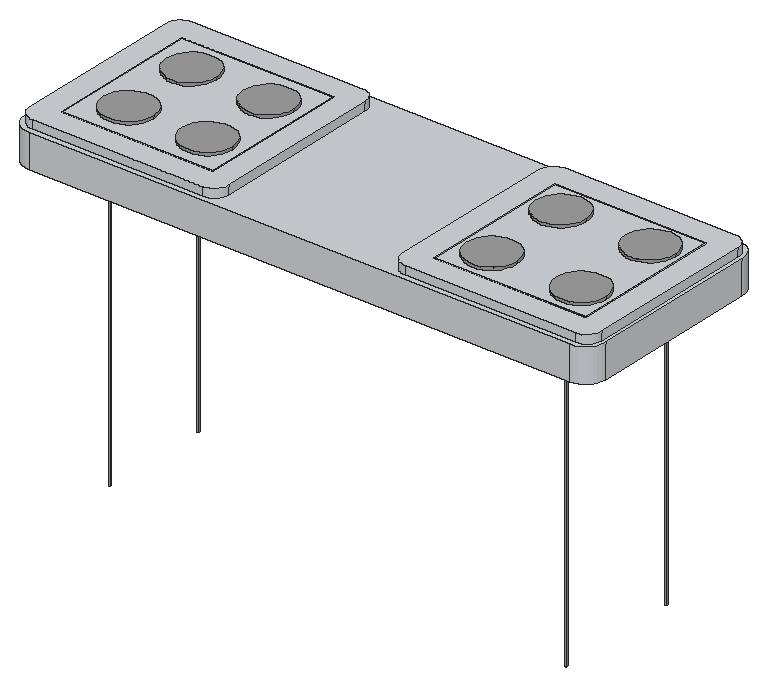
Revit family "Lighting-Industrial-GEWISS-SMART[4]HE_HIGHBAYS-LED_2M_DALI", category Apparecchi per illuminazione, Revit 2019
Family settings
  Quota connettore circolare = Usa diametro
  Tipo di parte = Normale
  Numero OmniClass = 23.80.70.00
  Titolo OmniClass = Lighting
  Basato su piano di lavoro = Sì
  Sempre verticale = No
  Taglio con vuoti quando caricato = No
  Sorgente d'illuminazione = No
  Condiviso = No
  Punto di calcolo locali = No
Parameters (values of type "GWS4223AQ857 - SMART4HB 2M C.PAS.DALI ELL.57K")
  Wiring = "With GW connect watertight connector"
  Weight (kg): = "6,5"
  Warranty = "5 years"
  Voltaggio = 230 V
  Version file RFA = "20.11"
  Unique digital code (Datamatrix) = "Datamatrix"
  Unified Glare Rating = "-"
  URL = "https://www.gewiss.com/ww/en"
  Type of light source = "LED - Not replaceable"
  Tilt- = "With bracket accessory"
  Technical sheet = "https://www.gewiss.com/ww/en/search?q=GWS4223AQ857"
  System power = "95W"
  Supply voltage = "220 - 240 V"
  Stocking temperature = "-40 +70 °C"
  Standards and approvals = "-"
  Standard- = "EN 60598-1 ; EN 60598-2-1 ; EN 60598-2-24"
  Standard Deviation Colour Matching = "SDCM = 3"
  Spostamento_y_etichetta [instance] = 0 mm
  Spostamento_y_effettivo_etichetta [instance] = 1500 mm - Spostamento_y_etichetta  # 1500 mm
  Spostamento_x_etichetta [instance] = 0 mm
  Spostamento_X_effettivo_etichetta [instance] = 1500 mm - Spostamento_x_etichetta  # 1500 mm
  Shock resistance = "IK08"
  Shield type = "Tempered glass Thickness 4mm"
  SEO = "High bay"
  Realized by GEWISS S.p.A. = ""
  Rated frequency (Hz) = "50/60 Hz"
  Produttore = "GEWISS S.p.A."
  Photobiological Risk Class = "RG0"
  Overvoltage protection = "DM 6 kV / CM 10 kV"
  Optic and illuminating features = "-"
  Optic Maintenance = "Non-replaceable"
  Optic : = "Metallic PC reflector and PMMA lenses"
  Optic = "Elliptical"
  Operating temperature : = "-30°C ÷ +50 °C"
  Offset etichetta W [instance] = 150 mm
  Mouting and installation = "Ceiling - Wallmounting - Suspension"
  Modello = "GWS4223AQ857"
  Maximum surface exposed to the wind : = "0,184 m²"
  Materials = "-"
  Luminaire = "LED Industrial Reflector "
  Lumen output (lm) = "12300"
  Locking Hook = "-"
  Lifetime = "L90B10 (Tq+25°C) = 100.000 h - L90B10 (Tq+50°C) = 50.000 h"
  Lampada = "LED"
  LED Maintenance = "Non-replaceable"
  Insulation class = "I"
  Installationa and maintenance = "-"
  Immagine tipo = GWL1311.jpg
  IPEA = "-"
  IP degree = "IP66"
  IFC.TypeObject = ""
  IFC.ExportType = ""
  IFC.ExportAs = ""
  IDT = "32167967fdf74962832821affbd5ec12"
  IDF = "71863346-6837-4260-98ca-c6d85b474ae1"
  Glow Wire Test : = "850 °C"
  General information = "-"
  Gasket = "anti-aging silicone"
  Fixing = "-"
  External screw = "Stainless steel"
  Etichetta wattaggio [instance] = yes
  Trasformatore = none
  Struttura plafoniera = none
  Spessore plafoniera = 40 mm  # constant formula
  Default Elevation = 1219.2 mm  # constant formula
  Proiettsmart2_simb [instance] = yes
  Plafoniera bidimensionale [instance] = not(Proiettsmart2_simb)  # no
  Eletrical and lighting features = "-"
  Electrocod = "2444"
  Efficiency (lm/W) = "129"
  Driver Box = "Built-in"
  Driver = "Included"
  Device with reduced surface temperature = "Yes"
  Descrizione = "SMART[4]HB 2M C.PAS.DALI ELL.57K"
  DIN 18032-3 certification = "With Bracket - Rope Kit + terminal&nbsp;(in approval)"
  Control System : = "DALI"
  Control System = "1 x DALI DT6"
  Context = "Lighting for industries and sports facilities"
  Commenti sul wattaggio = "97W"
  Colour temperature = "5700K"
  Colour : = "Grey RAL 7035"
  Colour = "Grey RAL 7035"
  Color Rendering Index = "CRI-80"
  Classificazione = Lighting
  Classification: = "-"
  Catalogue = "LIGHTING"
  Carico apparente = 97 VA
  Motore = none
  Mascherina = none
  Lunghezza = 699 mm  # constant formula
  Larghezza = 254 mm  # constant formula
  Distanza_tot_plafoniera [instance] = 350 mm
  Dist_sorg_lum = 10 mm  # constant formula
  COBie.Tagnumber = ""
  COBie.CreatedOn = ""
  COBie.CreatebBy = ""
  COBie.ComponentRegisterItemID = ""
  COBie.Component.TagNumber = ""
  COBie.Component.Space = ""
  COBie.Component.SerialNumber = ""
  COBie.Component.InstallationDate = ""
  COBie.Component.Description = ""
  COBie.Component.BarCode = ""
  Body = "PA6 \"Halogen Free\" loaded fibreglass"
  Application = "Internal"
Types (36, lengths in mm): name | Unified Glare Rating | Technical sheet | SEO | Optic : | Optic | Modello | Lumen output (lm) | IDT | Efficiency (lm/W) | Descrizione | Colour temperature
  GWS4221AA830 - SMART4HB 2M ST.AL.DALI ARR.30K | "UGR - 25" | "https://www.gewiss.com/ww/en/search?q=GWS4221AA830" | "" | "Metallized polycarbonate reflector" | "Array" | "GWS4221AA830" | "13200" | "b865a2e2c8b047d9b6bc49286984b836" | "139" | "SMART[4]HB 2M ST.AL.DALI ARR.30K" | "3000K"
  GWS4221AA840 - SMART4HB 2M ST.AL.DALI ARR.40K | "UGR - 25" | "https://www.gewiss.com/ww/en/search?q=GWS4221AA840" | "" | "Metallized polycarbonate reflector" | "Array" | "GWS4221AA840" | "13800" | "b54547127707429fb9ee1206f5cd7dd9" | "145" | "SMART[4]HB 2M ST.AL.DALI ARR.40K" | "4000K"
  GWS4221AA857 - SMART4HB 2M ST.AL.DALI ARR.57K | "UGR - 25" | "https://www.gewiss.com/ww/en/search?q=GWS4221AA857" | "" | "Metallized polycarbonate reflector" | "Array" | "GWS4221AA857" | "13800" | "e6f70cce2a2e43ae9fd1076ca4ec800f" | "145" | "SMART[4]HB 2M ST.AL.DALI ARR.57K" | "5700K"
  GWS4221AC830 - SMART4HB 2M ST.AL.DALI ASI.30K | "-" | "https://www.gewiss.com/ww/en/search?q=GWS4221AC830" | "High bay" | "Metallic PC reflector and PMMA lenses" | "Asymmetrical" | "GWS4221AC830" | "11900" | "80705aa437b347e2877e50831cb1adcb" | "125" | "SMART[4]HB 2M ST.AL.DALI ASI.30K" | "3000K"
  GWS4221AC840 - SMART4HB 2M ST.AL.DALI ASI.40K | "-" | "https://www.gewiss.com/ww/en/search?q=GWS4221AC840" | "High bay" | "Metallic PC reflector and PMMA lenses" | "Asymmetrical" | "GWS4221AC840" | "12500" | "1ce56aeedba34fa2abb54ff85eab14e0" | "132" | "SMART[4]HB 2M ST.AL.DALI ASI.40K" | "4000K"
  GWS4221AC857 - SMART4HB 2M ST.AL.DALI ASI.57K | "-" | "https://www.gewiss.com/ww/en/search?q=GWS4221AC857" | "High bay" | "Metallic PC reflector and PMMA lenses" | "Asymmetrical" | "GWS4221AC857" | "12500" | "bfd6b94ade564b84b2509e22f7f32121" | "132" | "SMART[4]HB 2M ST.AL.DALI ASI.57K" | "5700K"
  GWS4221AF830 - SMART4HB 2M ST.AL.DALI 30° 30K | "UGR - 19" | "https://www.gewiss.com/ww/en/search?q=GWS4221AF830" | "" | "Metallic PC reflector and PMMA lenses" | "30°" | "GWS4221AF830" | "13000" | "281d607556bd41c585f14a8e0b887b9b" | "137" | "SMART[4]HB 2M ST.AL.DALI 30° 30K" | "3000K"
  GWS4221AF840 - SMART4HB 2M ST.AL.DALI 30° 40K | "UGR - 19" | "https://www.gewiss.com/ww/en/search?q=GWS4221AF840" | "" | "Metallic PC reflector and PMMA lenses" | "30°" | "GWS4221AF840" | "13700" | "395066f94ea348d5ad0ebd49f748b504" | "144" | "SMART[4]HB 2M ST.AL.DALI 30° 40K" | "4000K"
  GWS4221AF857 - SMART4HB 2M ST.AL.DALI 30° 57K | "UGR - 19" | "https://www.gewiss.com/ww/en/search?q=GWS4221AF857" | "" | "Metallic PC reflector and PMMA lenses" | "30°" | "GWS4221AF857" | "13700" | "d1fd0450565c47debc265d46141225ad" | "144" | "SMART[4]HB 2M ST.AL.DALI 30° 57K" | "5700K"
  GWS4221AH830 - SMART4HB 2M ST.AL.DALI 60° 30K | "UGR - 22" | "https://www.gewiss.com/ww/en/search?q=GWS4221AH830" | "" | "Metallic PC reflector and PMMA lenses" | "60°" | "GWS4221AH830" | "13100" | "938f944c41834f4d8f433163e20f6686" | "138" | "SMART[4]HB 2M ST.AL.DALI 60° 30K" | "3000K"
  GWS4221AH840 - SMART4HB 2M ST.AL.DALI 60° 40K | "UGR - 22" | "https://www.gewiss.com/ww/en/search?q=GWS4221AH840" | "" | "Metallic PC reflector and PMMA lenses" | "60°" | "GWS4221AH840" | "13800" | "369f6eaffee74df8a55e7fc2b71a5c7d" | "145" | "SMART[4]HB 2M ST.AL.DALI 60° 40K" | "4000K"
  GWS4221AH857 - SMART4HB 2M ST.AL.DALI 60° 57K | "UGR - 22" | "https://www.gewiss.com/ww/en/search?q=GWS4221AH857" | "" | "Metallic PC reflector and PMMA lenses" | "60°" | "GWS4221AH857" | "13800" | "792f55c4c1174e33abdd76c4346557cb" | "145" | "SMART[4]HB 2M ST.AL.DALI 60° 57K" | "5700K"
  GWS4221AP830 - SMART4HB 2M ST.AL.DALI 90° 30K | "UGR - 22" | "https://www.gewiss.com/ww/en/search?q=GWS4221AP830" | "" | "Metallic PC reflector and PMMA lenses" | "90°" | "GWS4221AP830" | "13300" | "32701e0ba8114ac5852caf331c4def78" | "140" | "SMART[4]HB 2M ST.AL.DALI 90° 30K" | "3000K"
  GWS4221AP840 - SMART4HB 2M ST.AL.DALI 90° 40K | "UGR - 22" | "https://www.gewiss.com/ww/en/search?q=GWS4221AP840" | "" | "Metallic PC reflector and PMMA lenses" | "90°" | "GWS4221AP840" | "13900" | "bd980aed2184499a849565e8af8de209" | "146" | "SMART[4]HB 2M ST.AL.DALI 90° 40K" | "4000K"
  GWS4221AP857 - SMART4HB 2M ST.AL.DALI 90° 57K | "UGR - 22" | "https://www.gewiss.com/ww/en/search?q=GWS4221AP857" | "" | "Metallic PC reflector and PMMA lenses" | "90°" | "GWS4221AP857" | "13900" | "81d9c508c6104fe1969d1fbed84eeaa1" | "146" | "SMART[4]HB 2M ST.AL.DALI 90° 57K" | "5700K"
  GWS4221AQ830 - SMART4HB 2M ST.AL.DALI ELL.30K | "-" | "https://www.gewiss.com/ww/en/search?q=GWS4221AQ830" | "High bay" | "Metallic PC reflector and PMMA lenses" | "Elliptical" | "GWS4221AQ830" | "11800" | "cffb534a4e4249378c99dec0f11dbbad" | "124" | "SMART[4]HB 2M ST.AL.DALI ELL.30K" | "3000K"
  GWS4221AQ840 - SMART4HB 2M ST.AL.DALI ELL.40K | "-" | "https://www.gewiss.com/ww/en/search?q=GWS4221AQ840" | "High bay" | "Metallic PC reflector and PMMA lenses" | "Elliptical" | "GWS4221AQ840" | "12300" | "5fed3b31ed3f434ba84a4190ffbaf34e" | "129" | "SMART[4]HB 2M ST.AL.DALI ELL.40K" | "4000K"
  GWS4221AQ857 - SMART4HB 2M ST.AL.DALI ELL.57K | "-" | "https://www.gewiss.com/ww/en/search?q=GWS4221AQ857" | "High bay" | "Metallic PC reflector and PMMA lenses" | "Elliptical" | "GWS4221AQ857" | "12300" | "2eac35366090485890a5d355d690f073" | "129" | "SMART[4]HB 2M ST.AL.DALI ELL.57K" | "5700K"
  GWS4223AA830 - SMART4HB 2M C.PAS.DALI ARR.30K | "UGR - 25" | "https://www.gewiss.com/ww/en/search?q=GWS4223AA830" | "" | "Metallized polycarbonate reflector" | "Array" | "GWS4223AA830" | "13200" | "564fa0cfe04f4f1699bce5a00328dfe3" | "139" | "SMART[4]HB 2M C.PAS.DALI ARR.30K" | "3000K"
  GWS4223AA840 - SMART4HB 2M C.PAS.DALI ARR.40K | "UGR - 25" | "https://www.gewiss.com/ww/en/search?q=GWS4223AA840" | "" | "Metallized polycarbonate reflector" | "Array" | "GWS4223AA840" | "13800" | "7d10b2ce0a094a1084b2c7b7bee1310e" | "145" | "SMART[4]HB 2M C.PAS.DALI ARR.40K" | "4000K"
  GWS4223AA857 - SMART4HB 2M C.PAS.DALI ARR.57K | "UGR - 25" | "https://www.gewiss.com/ww/en/search?q=GWS4223AA857" | "" | "Metallized polycarbonate reflector" | "Array" | "GWS4223AA857" | "13800" | "15c6dcb258524cca9c5cea4a57edad43" | "145" | "SMART[4]HB 2M C.PAS.DALI ARR.57K" | "5700K"
  GWS4223AC830 - SMART4HB 2M C.PAS.DALI ASI.30K | "-" | "https://www.gewiss.com/ww/en/search?q=GWS4223AC830" | "High bay" | "Metallic PC reflector and PMMA lenses" | "Asymmetrical" | "GWS4223AC830" | "11900" | "8ee71461ff374b55ac133abdc9461784" | "125" | "SMART[4]HB 2M C.PAS.DALI ASI.30K" | "3000K"
  GWS4223AC840 - SMART4HB 2M C.PAS.DALI ASI.40K | "-" | "https://www.gewiss.com/ww/en/search?q=GWS4223AC840" | "High bay" | "Metallic PC reflector and PMMA lenses" | "Asymmetrical" | "GWS4223AC840" | "12500" | "c901f6a2642b46b0948687a2b2e902c3" | "132" | "SMART[4]HB 2M C.PAS.DALI ASI.40K" | "4000K"
  GWS4223AC857 - SMART4HB 2M C.PAS.DALI ASI.57K | "-" | "https://www.gewiss.com/ww/en/search?q=GWS4223AC857" | "High bay" | "Metallic PC reflector and PMMA lenses" | "Asymmetrical" | "GWS4223AC857" | "12500" | "dde04335c46b4f93a3fea97912b7d28b" | "132" | "SMART[4]HB 2M C.PAS.DALI ASI.57K" | "5700K"
  GWS4223AF830 - SMART4HB 2M C.PAS.DALI 30° 30K | "UGR - 19" | "https://www.gewiss.com/ww/en/search?q=GWS4223AF830" | "" | "Metallic PC reflector and PMMA lenses" | "30°" | "GWS4223AF830" | "13000" | "1653946d0137417b96f36f16f2bbaf13" | "137" | "SMART[4]HB 2M C.PAS.DALI 30° 30K" | "3000K"
  GWS4223AF840 - SMART4HB 2M C.PAS.DALI 30° 40K | "UGR - 19" | "https://www.gewiss.com/ww/en/search?q=GWS4223AF840" | "" | "Metallic PC reflector and PMMA lenses" | "30°" | "GWS4223AF840" | "13700" | "c0a92ffbab7848b3b0cf58a6bfcdc7ae" | "144" | "SMART[4]HB 2M C.PAS.DALI 30° 40K" | "4000K"
  GWS4223AF857 - SMART4HB 2M C.PAS.DALI 30° 57K | "UGR - 19" | "https://www.gewiss.com/ww/en/search?q=GWS4223AF857" | "" | "Metallic PC reflector and PMMA lenses" | "30°" | "GWS4223AF857" | "13700" | "30508b7da8294982b06402a14a2e3fa9" | "144" | "SMART[4]HB 2M C.PAS.DALI 30° 57K" | "5700K"
  GWS4223AH830 - SMART4HB 2M C.PAS.DALI 60° 30K | "UGR - 22" | "https://www.gewiss.com/ww/en/search?q=GWS4223AH830" | "" | "Metallic PC reflector and PMMA lenses" | "60°" | "GWS4223AH830" | "13100" | "89e126e8231f4087902cd8b49be00239" | "138" | "SMART[4]HB 2M C.PAS.DALI 60° 30K" | "3000K"
  GWS4223AH840 - SMART4HB 2M C.PAS.DALI 60° 40K | "UGR - 22" | "https://www.gewiss.com/ww/en/search?q=GWS4223AH840" | "" | "Metallic PC reflector and PMMA lenses" | "60°" | "GWS4223AH840" | "13800" | "34c185c3dc544acdb6b1852c42d50a11" | "145" | "SMART[4]HB 2M C.PAS.DALI 60° 40K" | "4000K"
  GWS4223AH857 - SMART4HB 2M C.PAS.DALI 60° 57K | "UGR - 22" | "https://www.gewiss.com/ww/en/search?q=GWS4223AH857" | "" | "Metallic PC reflector and PMMA lenses" | "60°" | "GWS4223AH857" | "13800" | "9f9d80a63a6d43a38bbe2473ef59e5b3" | "145" | "SMART[4]HB 2M C.PAS.DALI 60° 57K" | "5700K"
  GWS4223AP830 - SMART4HB 2M C.PAS.DALI 90° 30K | "UGR - 22" | "https://www.gewiss.com/ww/en/search?q=GWS4223AP830" | "" | "Metallic PC reflector and PMMA lenses" | "90°" | "GWS4223AP830" | "13300" | "761f9d89e44f40f385f9192560be381a" | "140" | "SMART[4]HB 2M C.PAS.DALI 90° 30K" | "3000K"
  GWS4223AP840 - SMART4HB 2M C.PAS.DALI 90° 40K | "UGR - 22" | "https://www.gewiss.com/ww/en/search?q=GWS4223AP840" | "" | "Metallic PC reflector and PMMA lenses" | "90°" | "GWS4223AP840" | "13900" | "b241c3769ad0415592636fb8f917034d" | "146" | "SMART[4]HB 2M C.PAS.DALI 90° 40K" | "4000K"
  GWS4223AP857 - SMART4HB 2M C.PAS.DALI 90° 57K | "UGR - 22" | "https://www.gewiss.com/ww/en/search?q=GWS4223AP857" | "" | "Metallic PC reflector and PMMA lenses" | "90°" | "GWS4223AP857" | "13900" | "97c92964d829466181c6f1e94b4793ca" | "146" | "SMART[4]HB 2M C.PAS.DALI 90° 57K" | "5700K"
  GWS4223AQ830 - SMART4HB 2M C.PAS.DALI ELL.30K | "-" | "https://www.gewiss.com/ww/en/search?q=GWS4223AQ830" | "High bay" | "Metallic PC reflector and PMMA lenses" | "Elliptical" | "GWS4223AQ830" | "11800" | "168e43969bba4a3ca3ca2988db078bdf" | "124" | "SMART[4]HB 2M C.PAS.DALI ELL.30K" | "3000K"
  GWS4223AQ840 - SMART4HB 2M C.PAS.DALI ELL.40K | "-" | "https://www.gewiss.com/ww/en/search?q=GWS4223AQ840" | "High bay" | "Metallic PC reflector and PMMA lenses" | "Elliptical" | "GWS4223AQ840" | "12300" | "2030e09cb2f04742943c855c3525c557" | "129" | "SMART[4]HB 2M C.PAS.DALI ELL.40K" | "4000K"
  GWS4223AQ857 - SMART4HB 2M C.PAS.DALI ELL.57K | "-" | "https://www.gewiss.com/ww/en/search?q=GWS4223AQ857" | "High bay" | "Metallic PC reflector and PMMA lenses" | "Elliptical" | "GWS4223AQ857" | "12300" | "32167967fdf74962832821affbd5ec12" | "129" | "SMART[4]HB 2M C.PAS.DALI ELL.57K" | "5700K"
Reference planes
  plane 1 "Asse sorgente illuminazione (F/B)": y = 0
  plane 2: z = 0
  plane 3 "Asse sorgente illuminazione (L/R)": x = 0
  plane 4 "Prospetto sorgente di illuminazione": z = 1500
  plane 5: x = -349.5
  plane 6: y = 127
  plane 7: x = 349.5
  plane 8: y = -127
  plane 9: x = 344.5
  plane 10: x = -344.5
  plane 11: x = -104.5
  plane 12: x = 104.5
  plane 13: y = -1500
  plane 14: z = 390
  plane 15: z = 390
  plane 16: z = 400
  plane 17: z = 350
  plane 18: y = 0
  plane 19: x = -1500
  plane 20: x = 0
Dimensions and locks
  equal spacing: plane 6, plane 1 "Asse sorgente illuminazione (F/B)", plane 8
  "Larghezza": plane 6 to plane 8
  equal spacing: plane 5, plane 3 "Asse sorgente illuminazione (L/R)", plane 7
  "Lunghezza": plane 5 to plane 7
  locked: plane 5 to plane 10 at 5
  locked: plane 9 to plane 7 at 5
  locked: plane 16 to plane 14 at 10
  locked: plane 15 to plane 17 at 40
  "Distanza_tot_plafoniera": plane 17 to plane 2
  plane 1 "Asse sorgente illuminazione (F/B)" to plane 13 = 1500 mm
  "Spostamento_y_effettivo_etichetta": plane 18 to plane 13
  plane 19 to plane 3 "Asse sorgente illuminazione (L/R)" = 1500 mm
  "Spostamento_X_effettivo_etichetta": plane 19 to plane 20
  aligned and locked: level to plane 2
  aligned and locked: nested 15 to plane 14
  aligned and locked: plane 14 to nested 16
  aligned and locked: plane 16 to nested 8
  aligned and locked: nested 6 to plane 16
  aligned and locked: plane 16 to nested 7
  aligned and locked: nested 5 to plane 16
  aligned and locked: nested 3 to plane 16
  aligned and locked: plane 16 to nested 1
  aligned and locked: nested 4 to plane 16
  aligned and locked: plane 16 to nested 2
  aligned and locked: nested 11 to plane 2  (x2)
  aligned and locked: nested 10 to plane 2
  aligned and locked: nested 9 to plane 2
  aligned and locked: plane 14 to plane 15
  aligned and locked: plane 17 to nested 14
  aligned and locked: nested 17 to plane 18
  aligned and locked: nested 17 to plane 20
  aligned and locked: plane 2 to nested 18
  aligned and locked: plane 2 to nested 11
Nested families
  nested 1: "Gewis - Led" at (171.717, 52, 403), type "Gewis - Led", detail levels medium+fine
  nested 2: "Gewis - Led" at (279.5, 52, 403), type "Gewis - Led", detail levels medium+fine
  nested 3: "Gewis - Led" at (171.717, -52, 403), type "Gewis - Led", detail levels medium+fine
  nested 4: "Gewis - Led" at (279.5, -52, 403), type "Gewis - Led", detail levels medium+fine
  nested 5: "Gewis - Led" at (-174.5, 45, 403) x (-1, 0, 0) z (0, 0, 1), type "Gewis - Led", detail levels medium+fine
  nested 6: "Gewis - Led" at (-269.5, 47.625, 403) x (-1, 0, 0) z (0, 0, 1), type "Gewis - Led", detail levels medium+fine
  nested 7: "Gewis - Led" at (-174.5, -47.089, 403) x (-1, 0, 0) z (0, 0, 1), type "Gewis - Led", detail levels medium+fine
  nested 8: "Gewis - Led" at (-269.5, -47.089, 403) x (-1, 0, 0) z (0, 0, 1), type "Gewis - Led", detail levels medium+fine
  nested 9: "Sospensione_ SMART LAB 4" at (274.838, 81.5, 0), Altezza sospensione <- "Distanza_tot_plafoniera", type "Sospensione_ SMART LAB 4"
    with Altezza sospensione 350 mm, Default Elevation 350 mm
  nested 10: "Sospensione_ SMART LAB 4" at (274.838, -69, 0), Altezza sospensione <- "Distanza_tot_plafoniera", type "Sospensione_ SMART LAB 4"
    with Altezza sospensione 350 mm, Default Elevation 350 mm
  nested 11: "Sospensione_ SMART LAB 4" at (-276.662, -66.5, 0), Altezza sospensione <- "Distanza_tot_plafoniera", type "Sospensione_ SMART LAB 4"
    with Altezza sospensione 350 mm, Default Elevation 350 mm
  nested 12: "PROIETTSMART - 2" at (0, 0, 0), visible <- "Proiettsmart2_simb", type "PROIETTSMART - 2"
  nested 13: "Rappr_ bidimensionale_SMART (4)  4 + 4 L " at (0, 0, 0), visible <- "Plafoniera bidimensionale", type "SMART (4)  4 + 4 L_bidimensionale "
  nested 14: "Struttura_SMART 4" at (0, 0, 390), type "SMART 4 HB - 4+4L"
  nested 15: "mascherina_SMART (4)" at (-224.5, 0, 400) x (-1, 0, 0) z (0, 0, 1), type "Maschera_smart (4) 4L", detail levels fine
  nested 16: "mascherina_SMART (4)" at (224.5, 0, 400), type "Maschera_smart (4) 4L", detail levels fine
  nested 17: "ETICHETTA LIGHT" at (0, 0, 0), type "ETICHETTA LIGHT"
  nested 18: "Sospensione_ SMART LAB 4" at (-276.662, 66.5, 0), Altezza sospensione <- "Distanza_tot_plafoniera", type "Sospensione_ SMART LAB 4"
    with Altezza sospensione 350 mm, Default Elevation 350 mm
Connectors
  electrical at (0.009, -0.098, 350), driven by "Carico apparente"
    settings: on nested 14, index 1, voltage 230 V, apparent load 0 VA, apparent load phase1 97 VA, apparent load phase2 0 VA, apparent load phase3 0 VA, power factor 1, load classification "Lighting", number of poles 2, system type 31, power factor state 1, is connector primary yes, connector utility no, sub classification motor no, connector description ""
Definition of nested family "Gewis - Led"
  Parameters (values of type "Gewis - Led")
    Vetro = none
    Raggio led = 30 mm
    Default Elevation = 1219.2 mm
    Estensione vetro = 3 mm
  Reference planes
    plane 1 "Centro (Fronte/Retro)": y = 0
    plane 2: z = 0
    plane 3 "Centro (Sinistra/Destra)": x = 0
  Forms (mm)
    Extrusion 1, solid, material <- "Vetro"
      sketch origin (0, 0, 0) x (1, 0, 0) y (0, 1, 0)
        loop
          circle (0, 0) r 30
      from -3 to 0
  Dimensions and locks
    "Estensione vetro": level to Extrusion 1
    "Raggio led": radius of Extrusion 1 sketch curve
    aligned and locked: level to plane 2
    aligned and locked: level to Extrusion 1
  Automatic sketch dimensions
    plane 1 "Centro (Fronte/Retro)" to Extrusion 1 sketch curve = 0 mm
    Extrusion 1 sketch curve to plane 3 "Centro (Sinistra/Destra)" = 0 mm
Definition of nested family "Sospensione_ SMART LAB 4"
  Parameters (values of type "Sospensione_ SMART LAB 4")
    Default Elevation = 400 mm
    Altezza sospensione [instance] = 500 mm
  Reference planes
    plane 1 "Center (Front/Back)": y = 0
    plane 2: z = 0
    plane 3 "Center (Left/Right)": x = 0
    plane 4: z = 500
    plane 5: z = 30.7
  Forms (mm)
    Extrusion 1, solid
      sketch origin (0, 0, 0) x (1, 0, 0) y (0, 1, 0)
        loop
          circle (0, -0.028) r 1.25
      from 0 to 500
  Lines and regions (mm)
    model lines, not visible
      curve 1: line (0, 0, 0) -> (0, 0, 9.482)
  Dimensions and locks
    "Altezza sospensione": plane 4 to level
    plane 2 to plane 4 = 500 mm
    aligned and locked: level to plane 2
    aligned and locked: Extrusion 1 to plane 2
    aligned and locked: plane 4 to Extrusion 1
  Automatic sketch dimensions
    Extrusion 1 sketch curve to plane 3 "Center (Left/Right)" = 0 mm
    plane 1 "Center (Front/Back)" to Extrusion 1 sketch curve = 0.028 mm
    curve 1 to plane 3 "Center (Left/Right)" = 0 mm
    curve 1 to level = 0 mm
    curve 1 to curve 1 = 9.482 mm
    radius of Extrusion 1 sketch curve = 1.25 mm
Definition of nested family "Struttura_SMART 4"
  Parameters (values of type "SMART 4 HB - 4+4L")
    Struttura plafoniera = none
    Spessore_plafoniera = 40 mm
    Lunghezza = 699 mm
    Larghezza = 254 mm
  Types (2, lengths in mm): name | Lunghezza | Larghezza
    SMART Lab (4) 4L | 383 | 253
    SMART 4 HB - 4+4L | 699 | 254
  Reference planes
    plane 1 "Asse sorgente illuminazione (F/B)": y = 0
    plane 2: z = 0
    plane 3 "Asse sorgente illuminazione (L/R)": x = 0
    plane 4 "Prospetto sorgente di illuminazione": z = -40
    plane 5 "SX": x = -349.5
    plane 6 "DX": x = 349.5
    plane 7 "DIETRO": y = 127
    plane 8 "AVANTI": y = -127
    plane 9: x = 106.5
    plane 10: x = 338.5
    plane 11: y = -116
    plane 12: y = 116
    plane 13: x = -338.5
    plane 14: x = -106.5
  Forms (mm)
    Extrusion 1, solid, material <- "Struttura plafoniera"
      sketch origin (0, 0, 0) x (1, 0, 0) y (0, 1, 0)
        loop
          line (349.5, -102.595) -> (349.5, 102.59)
          arc (349.5, 102.59) -> (342.35, 119.85) -> (325.09, 127) r 24.41
          line (325.09, 127) -> (-325.009, 127)
          arc (-325.009, 127) -> (-342.554, 119.6) -> (-349.5, 101.871) r 24.499
          line (-349.5, 101.871) -> (-349.5, -102.592)
          arc (-349.5, -102.592) -> (-342.351, -119.851) -> (-325.092, -127) r 24.408
          line (-325.092, -127) -> (325.117, -127)
          arc (325.117, -127) -> (342.334, -119.868) -> (349.465, -102.652) r 24.348
      from -40 to 0
  Dimensions and locks
    equal spacing: plane 5 "SX", plane 3 "Asse sorgente illuminazione (L/R)", plane 6 "DX"
    equal spacing: plane 7 "DIETRO", plane 1 "Asse sorgente illuminazione (F/B)", plane 8 "AVANTI"
    "Lunghezza": plane 5 "SX" to plane 6 "DX"
    "Larghezza": plane 7 "DIETRO" to plane 8 "AVANTI"
    locked: plane 7 "DIETRO" to plane 12 at 11
    locked: plane 11 to plane 8 "AVANTI" at 11
    locked: plane 10 to plane 6 "DX" at 11
    locked: plane 9 to plane 10 at 232
    plane 13 to plane 14 = 232 mm
    locked: plane 5 "SX" to plane 13 at 11
    "Spessore_plafoniera": plane 2 to plane 4 "Prospetto sorgente di illuminazione"
    aligned and locked: level to plane 2
    aligned and locked: Extrusion 1 to plane 5 "SX"
    aligned and locked: Extrusion 1 to plane 8 "AVANTI"  (x2)
    aligned and locked: plane 7 "DIETRO" to Extrusion 1
    aligned and locked: plane 6 "DX" to Extrusion 1
    aligned and locked: plane 4 "Prospetto sorgente di illuminazione" to Extrusion 1
    aligned and locked: plane 2 to Extrusion 1
  Automatic sketch dimensions
    Extrusion 1 sketch curve to plane 5 "SX" = 0 mm
    Extrusion 1 sketch curve to plane 8 "AVANTI" = 0 mm
    Extrusion 1 sketch curve to plane 7 "DIETRO" = 0 mm
    Extrusion 1 sketch curve to plane 6 "DX" = 0 mm
    plane 13 to Extrusion 1 sketch curve = 13.408 mm
    plane 13 to Extrusion 1 sketch curve = 13.491 mm
    Extrusion 1 sketch curve to plane 10 = 13.41 mm
    Extrusion 1 sketch curve to plane 10 = 13.383 mm
    plane 11 to Extrusion 1 sketch curve = 13.348 mm
    Extrusion 1 sketch curve to plane 12 = 14.129 mm
    Extrusion 1 sketch curve to Extrusion 1 sketch curve = 0.056 mm
Definition of nested family "mascherina_SMART (4)"
  Parameters (values of type "Maschera_smart (4) 4L")
    Spessore_mascherina = 10 mm
    Default Elevation = 1219.2 mm
    N.intarsi = (Lunghezza_mascherina - (Bordo * 2)) / 15 mm  # 12
    N._intarsi verticale = (Larghezza_mascherina - (Bordo * 2)) / 17 mm  # 11
    Mascherina = none
    Lunghezza_mascherina = 240 mm
    Larghezza_mascherina = 240 mm
    Distanza_intarsi v. = 41 mm  # constant formula
    Distanza_intarsi = 37 mm  # constant formula
    Bordo = 29 mm
  Reference planes
    plane 1 "Centro (Fronte/Retro)": y = 0
    plane 2: z = 0
    plane 3 "Centro (Sinistra/Destra)": x = 0
    plane 4: x = -120
    plane 5 "Dietro": y = 120
    plane 6: x = 120
    plane 7: y = -120
    plane 8: x = -91
    plane 9: y = -91
    plane 10: x = 91
    plane 11: y = 91
    plane 12: x = -83
    plane 13: y = 94.742
    plane 14: y = -95
    plane 15: z = -10
    plane 16: x = -95
    plane 17: y = 79
    plane 18: y = -79
    plane 19: x = 95
    plane 20: z = -4.799
  Forms (mm)
    Extrusion 1, solid, material <- "Mascherina"
      sketch origin (0, 0, 0) x (1, 0, 0) y (0, 1, 0)
        loop
          arc (-102.5, 120) -> (-114.874, 114.874) -> (-120, 102.5) r 17.5
          line (-120, 102.5) -> (-120, -102.5)
          arc (-120, -102.5) -> (-114.874, -114.874) -> (-102.5, -120) r 17.5
          line (-102.5, -120) -> (102.5, -120)
          arc (102.5, -120) -> (114.874, -114.874) -> (120, -102.5) r 17.5
          line (120, -102.5) -> (120, 102.5)
          arc (120, 102.5) -> (114.874, 114.874) -> (102.5, 120) r 17.5
          line (102.5, 120) -> (-102.5, 120)
        loop
          line (-91, 91) -> (-91, -91) -> (91, -91) -> (91, 91) -> (-91, 91)
      from -10 to 0
    Extrusion 2, solid, material <- "Mascherina"
      sketch origin (0, 0, 0) x (1, 0, 0) y (0, 1, 0)
        loop
          line (-91, 91) -> (-91, -91) -> (91, -91) -> (91, 91) -> (-91, 91)
      from -4.799 to 0
  Dimensions and locks
    equal spacing: plane 4, plane 3 "Centro (Sinistra/Destra)", plane 6
    "Lunghezza_mascherina": plane 4 to plane 6
    equal spacing: plane 5 "Dietro", plane 1 "Centro (Fronte/Retro)", plane 7
    "Larghezza_mascherina": plane 5 "Dietro" to plane 7
    "Bordo": plane 4 to plane 8
    "Bordo": plane 9 to plane 7
    "Bordo": plane 5 "Dietro" to plane 11
    "Bordo": plane 10 to plane 6
    "Distanza_intarsi": plane 4 to plane 12
    locked: plane 13 to plane 11 at 3.742
    "Spessore_mascherina": plane 2 to plane 15
    "Distanza_intarsi v.": plane 5 "Dietro" to plane 17
    "Distanza_intarsi v.": plane 18 to plane 7
    locked: plane 9 to plane 14 at 4
    locked: plane 16 to plane 8 at 4
    locked: plane 10 to plane 19 at 4
    locked: plane 2 to plane 20 at 4.799
    radius of Extrusion 1 sketch curve = 17.5 mm  (x4)
    aligned and locked: level to plane 2
    aligned and locked: plane 4 to Extrusion 1 sketch curve
    aligned and locked: plane 6 to Extrusion 1 sketch curve
    aligned and locked: Extrusion 1 sketch curve to plane 5 "Dietro"
    aligned and locked: Extrusion 1 sketch curve to plane 7
    aligned and locked: Extrusion 1 sketch curve to plane 11
    aligned and locked: plane 8 to Extrusion 1 sketch curve
    aligned and locked: plane 9 to Extrusion 1 sketch curve
    aligned and locked: Extrusion 1 sketch curve to plane 10
    aligned and locked: plane 2 to Extrusion 1
    aligned and locked: Extrusion 1 to plane 15
    aligned and locked: Extrusion 2 sketch curve to plane 10
    aligned and locked: plane 9 to Extrusion 2 sketch curve
    aligned and locked: plane 8 to Extrusion 2 sketch curve
    aligned and locked: Extrusion 2 sketch curve to plane 11
    aligned and locked: plane 2 to Extrusion 2
    aligned and locked: Extrusion 2 to plane 20
Definition of nested family "PROIETTSMART - 2"
  Reference planes
    plane 1 "Centro (Fronte/Retro)": y = 0
    plane 2: z = 0
    plane 3 "Centro (Sinistra/Destra)": x = 0
  Lines and regions (mm)
    model lines, in view "Livello rif."
      curve 1: line (87.132, -21.515, 0) -> (43.932, -0.008, 0)
      curve 2: line (43.932, -0.008, 0) -> (87.132, 21.758, 0)
      curve 3: line (87.132, 21.758, 0) -> (87.132, -21.515, 0)
      curve 4: line (43.932, 21.629, 0) -> (43.932, -21.645, 0)
      curve 5: line (43.932, -0.008, 0) -> (18.672, -0.008, 0)
      curve 6: line (87.132, 0.122, 0) -> (105.785, 0.122, 0)
      curve 7: line (128.701, 66.747, 0) -> (128.701, -66.747, 0)
      curve 8: line (128.701, -66.747, 0) -> (-131.299, -66.747, 0)
      curve 9: line (-131.299, -66.747, 0) -> (-131.299, 66.747, 0)
      curve 10: line (-131.299, 66.747, 0) -> (128.701, 66.747, 0)
      curve 11: line (12.311, 49.667, 0) -> (111.66, 49.667, 0)
      curve 12: line (111.66, 49.667, 0) -> (111.66, -49.683, 0)
      curve 13: line (111.66, -49.683, 0) -> (12.311, -49.683, 0)
      curve 14: line (12.311, -49.683, 0) -> (12.311, 49.667, 0)
      curve 15: line (-39.438, -21.515, 0) -> (-82.637, -0.008, 0)
      curve 16: line (-82.637, -0.008, 0) -> (-39.438, 21.758, 0)
      curve 17: line (-39.438, 21.758, 0) -> (-39.438, -21.515, 0)
      curve 18: line (-82.637, 21.629, 0) -> (-82.637, -21.645, 0)
      curve 19: line (-82.637, -0.008, 0) -> (-107.898, -0.008, 0)
      curve 20: line (-39.438, 0.122, 0) -> (-20.785, 0.122, 0)
      curve 21: line (-114.259, 49.667, 0) -> (-14.909, 49.667, 0)
      curve 22: line (-14.909, 49.667, 0) -> (-14.909, -49.683, 0)
      curve 23: line (-14.909, -49.683, 0) -> (-114.259, -49.683, 0)
      curve 24: line (-114.259, -49.683, 0) -> (-114.259, 49.667, 0)
Definition of nested family "Rappr_ bidimensionale_SMART (4)  4 + 4 L "
  Reference planes
    plane 1 "Centro (Fronte/Retro)": y = 0
    plane 2: z = 0
    plane 3 "Centro (Sinistra/Destra)": x = 0
  Lines and regions (mm)
    model lines, in view "Livello rif."
      curve 1: circle (175.602, 47.039, 0) r 28.619 normal (0, 0, 1)
      curve 2: circle (269.602, -46.961, 0) r 28.619 normal (0, 0, 1)
      curve 3: circle (175.602, -46.961, 0) r 28.619 normal (0, 0, 1)
      curve 4: circle (269.602, 47.039, 0) r 28.619 normal (0, 0, 1)
      curve 5: arc (103.203, -104.051, 0) -> (107.722, -114.924, 0) -> (118.601, -119.425, 0) r 15.398
      curve 6: arc (-118.547, -119.425, 0) -> (-107.659, -114.915, 0) -> (-103.149, -104.027, 0) r 15.398
      curve 7: arc (-103.149, 103.973, 0) -> (-107.668, 114.87, 0) -> (-118.571, 119.371, 0) r 15.398
      curve 8: arc (-326.571, 119.371, 0) -> (-337.453, 114.844, 0) -> (-341.945, 103.948, 0) r 15.398
      curve 9: arc (-341.945, -104.002, 0) -> (-337.444, -114.906, 0) -> (-326.547, -119.425, 0) r 15.398
      curve 10: arc (326.601, -119.425, 0) -> (337.498, -114.906, 0) -> (342, -104.002, 0) r 15.398
      curve 11: arc (342, 103.998, 0) -> (337.472, 114.878, 0) -> (326.577, 119.371, 0) r 15.398
      curve 12: arc (118.577, 119.371, 0) -> (107.713, 114.861, 0) -> (103.203, 103.997, 0) r 15.398
      curve 13: arc (-349.401, -104, 0) -> (-342.727, -120.168, 0) -> (-326.575, -126.881, 0) r 22.854
      curve 14: arc (-326.574, 126.827, 0) -> (-342.707, 120.133, 0) -> (-349.401, 104, 0) r 22.854
      curve 15: arc (349.455, 104, 0) -> (342.742, 120.152, 0) -> (326.574, 126.827, 0) r 22.854
      curve 16: arc (326.573, -126.881, 0) -> (342.761, -120.187, 0) -> (349.455, -104, 0) r 22.854
      curve 17: circle (-175.548, -47.093, 0) r 28.619 normal (0, 0, 1)
      curve 18: circle (-269.548, 46.907, 0) r 28.619 normal (0, 0, 1)
      curve 19: circle (-175.548, 46.907, 0) r 28.619 normal (0, 0, 1)
      curve 20: circle (-269.548, -47.093, 0) r 28.619 normal (0, 0, 1)
      curve 21: line (130.101, -92.527, 0) -> (130.101, 92.473, 0)
      curve 22: line (130.101, 92.473, 0) -> (315.101, 92.473, 0)
      curve 23: line (315.101, 92.473, 0) -> (315.101, -92.527, 0)
      curve 24: line (315.101, -92.527, 0) -> (130.101, -92.527, 0)
      curve 25: line (103.203, -104.051, 0) -> (103.203, 103.997, 0)
      curve 26: line (118.601, -119.425, 0) -> (326.601, -119.425, 0)
      curve 27: line (-326.547, -119.425, 0) -> (-118.547, -119.425, 0)
      curve 28: line (-103.149, -104.027, 0) -> (-103.149, 103.973, 0)
      curve 29: line (-326.571, 119.371, 0) -> (-118.571, 119.371, 0)
      curve 30: line (-341.945, -104.002, 0) -> (-341.945, 103.948, 0)
      curve 31: line (342, -104.002, 0) -> (342, 103.998, 0)
      curve 32: line (118.577, 119.371, 0) -> (326.577, 119.371, 0)
      curve 33: line (-349.401, -104, 0) -> (-349.401, 104, 0)
      curve 34: line (326.574, 126.827, 0) -> (-326.574, 126.827, 0)
      curve 35: line (349.455, -104, 0) -> (349.455, 104, 0)
      curve 36: line (326.573, -126.881, 0) -> (-326.575, -126.881, 0)
      curve 37: line (-130.047, -92.527, 0) -> (-315.047, -92.527, 0)
      curve 38: line (-315.047, -92.527, 0) -> (-315.047, 92.473, 0)
      curve 39: line (-315.047, 92.473, 0) -> (-130.047, 92.473, 0)
      curve 40: line (-130.047, 92.473, 0) -> (-130.047, -92.527, 0)
Definition of nested family "ETICHETTA LIGHT"
  Parameters (values of type "ETICHETTA LIGHT")
    COMMENTI = "236W"
  Reference planes
    plane 1: y = 0
    plane 2: x = 0
  Text (mm)
    label "COMMENTI" at (-0.057, 0.105, 0), shows "COMMENTI"
